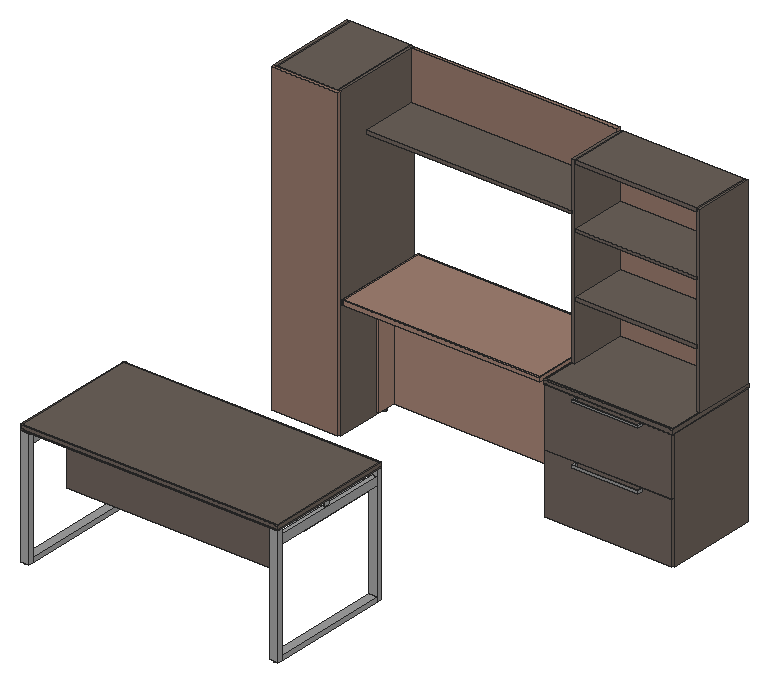
Revit family "T100086", category Furniture Systems, Revit 2022 (continued)
Definition of nested family "STAKS LEG SUPPORT BAR"
  Automatic sketch dimensions
    plane 3 to Extrusion 1 sketch curve = 0' - 0.0747"
    plane 3 to Extrusion 1 sketch curve = 0' - 0 3/16"
    Extrusion 1 sketch curve to Extrusion 1 sketch curve = 0' - 0.0122"  (x5)
    Extrusion 1 sketch curve to plane 9 = 0' - 0.02589"
    Extrusion 1 sketch curve to plane 9 = 0' - 0.02084"
    plane 9 to Extrusion 1 sketch curve = 0' - 0.01831"
    plane 9 to Extrusion 1 sketch curve = 0' - 0.06755"
    Extrusion 1 sketch curve to plane 8 = 0' - 0.03661"  (x2)
    Extrusion 1 sketch curve to plane 10 = 0' - 0.11131"
    Extrusion 1 sketch curve to plane 10 = 0' - 0.06206"
    Extrusion 1 sketch curve to plane 10 = 0' - 0.02292"
    Extrusion 1 sketch curve to plane 10 = 0' - 0.01787"
    Extrusion 1 sketch curve to plane 12 = 0' - 0.06206"
    Extrusion 1 sketch curve to Extrusion 1 sketch curve = 0' - 0.04925"
    plane 11 to Extrusion 1 sketch curve = 0' - 0.06755"
    plane 11 to Extrusion 1 sketch curve = 0' - 0.01831"
    Extrusion 1 sketch curve to plane 11 = 0' - 0.02084"
    Extrusion 1 sketch curve to plane 11 = 0' - 0.02589"
    Extrusion 1 sketch curve to Extrusion 1 sketch curve = 0' - 0 1/8"
    Extrusion 1 sketch curve to plane 8 = 0' - 0.0747"
    Extrusion 1 sketch curve to plane 12 = 0' - 0.01787"
    Extrusion 1 sketch curve to Extrusion 1 sketch curve = 0' - 0.00506"
    Extrusion 1 sketch curve to Extrusion 1 sketch curve = 0' - 1 5/8"
    Extrusion 1 sketch curve to Extrusion 1 sketch curve = 0' - 0.03661"  (x2)
    Extrusion 1 sketch curve to Extrusion 1 sketch curve = 0' - 0.01831"  (x3)
    Extrusion 1 sketch curve to Extrusion 1 sketch curve = 0' - 0.03199"
Definition of nested family "STAKS MODESTY PANEL - Veneer _ Wood Grain _ Frosted"
  Parameters (values of type "STAKS MODESTY PANEL WOOD VENEER 65.9375-48")
    URL = "http://www.ofs.com"
    Thickness = 0' - 0 3/4"
    Width = 5' - 5 15/16"
    Model = "6-WMPC"
    Manufacturer = "OFS"
    WDVNR/PNT = yes
    WDGRN/TFL = no
    FROSTED = no
    Description = "OFS STAKS MODESTY PANEL WOOD VENEER 65.9375-48 X .75, For Desks or Worksurface Height Tops"
    Default Elevation = 0' - 0"
    Copyright © = "©OFS 2018"
    Catalog = "https://ofs.com/products/casegoods/private-office/staks"
    BRKT L/R = yes
    BRKT CNTR = no
    Authoring Version = "Autodesk Revit Architecture 2013"
    Assembly Code = "E2020200"
  Types (12): name | Thickness | Width | Model | WDVNR/PNT | WDGRN/TFL | FROSTED | Description | BRKT L/R | BRKT CNTR
    STAKS MODESTY PANEL WOOD VENEER 29.938-12 | 0' - 0 3/4" | 2' - 5.938" | "6-WMPA" | yes | no | no | "OFS STAKS MODESTY PANEL WOOD VENEER 29.9375-12 X .75, For Desks or Worksurface Height Tops" | yes | no
    STAKS MODESTY PANEL WOOD VENEER 47.9375-30 | 0' - 0 3/4" | 3' - 11 15/16" | "6-WMPB" | yes | no | no | "OFS STAKS MODESTY PANEL WOOD VENEER 47.9375-30 X .75, For Desks or Worksurface Height Tops" | yes | no
    STAKS MODESTY PANEL WOOD VENEER 65.9375-48 | 0' - 0 3/4" | 5' - 5 15/16" | "6-WMPC" | yes | no | no | "OFS STAKS MODESTY PANEL WOOD VENEER 65.9375-48 X .75, For Desks or Worksurface Height Tops" | yes | no
    STAKS MODESTY PANEL WOOD VENEER 84-66 | 0' - 0 3/4" | 7' - 0" | "6-WMPD" | yes | no | no | "OFS STAKS MODESTY PANEL WOOD VENEER 84-66 X .75, For Desks or Worksurface Height Tops" | yes | yes
    STAKS MODESTY PANEL TFL WOOD GRAIN AND TFL SOLID COLORS 29.938-12 | 0' - 0 3/4" | 2' - 5 15/16" | "6-KMPA" | no | yes | no | "OFS STAKS MODESTY PANEL TFL WOOD GRAIN AND TFL SOLID COLORS 29.9375-12 X .75, For Desks or Worksurface Height Tops" | yes | no
    STAKS MODESTY PANEL TFL WOOD GRAIN AND TFL SOLID COLORS 47.9375-30 | 0' - 0 3/4" | 3' - 11 15/16" | "6-KMPB" | no | yes | no | "OFS STAKS MODESTY PANEL TFL WOOD GRAIN AND TFL SOLID COLORS 47.9375-30 X .75, For Desks or Worksurface Height Tops" | yes | no
    STAKS MODESTY PANEL TFL WOOD GRAIN AND TFL SOLID COLORS 65.9375-48 | 0' - 0 3/4" | 5' - 5 15/16" | "6-KMPC" | no | yes | no | "OFS STAKS MODESTY PANEL TFL WOOD GRAIN AND TFL SOLID COLORS 65.9375-48 X .75, For Desks or Worksurface Height Tops" | yes | no
    STAKS MODESTY PANEL TFL WOOD GRAIN AND TFL SOLID COLORS 84-66 | 0' - 0 3/4" | 7' - 0" | "6-KMPD" | no | yes | no | "OFS STAKS MODESTY PANEL TFL WOOD GRAIN AND TFL SOLID COLORS 84-66 X .75, For Desks or Worksurface Height Tops" | yes | yes
    STAKS MODESTY PANEL FROSTED ACRYLIC 29.938-12 | 0' - 0 1/4" | 2' - 5 15/16" | "6-AMPA" | no | no | yes | "OFS STAKS MODESTY PANEL FROSTED ACRYLIC 29.9375-12 X .75, For Desks or Worksurface Height Tops" | no | no
    STAKS MODESTY PANEL FROSTED ACRYLIC 47.938-30 | 0' - 0 1/4" | 3' - 11 15/16" | "6-AMPB" | no | no | yes | "OFS STAKS MODESTY PANEL FROSTED ACRYLIC 47.9375-30 X .75, For Desks or Worksurface Height Tops" | no | no
    STAKS MODESTY PANEL FROSTED ACRYLIC 65.938-48 | 0' - 0 1/4" | 5' - 5 15/16" | "6-AMPC" | no | no | yes | "OFS STAKS MODESTY PANEL FROSTED ACRYLIC 65.9375-48 X .75, For Desks or Worksurface Height Tops" | no | no
    STAKS MODESTY PANEL FROSTED ACRYLIC 84-66 | 0' - 0 1/4" | 7' - 0" | "6-AMPD" | no | no | yes | "OFS STAKS MODESTY PANEL FROSTED ACRYLIC 84-66 X .75, For Desks or Worksurface Height Tops" | no | no
  Reference planes (in)
    plane 1: z = 0
    plane 2 "Back": y = 1.62535
    plane 3 "MOUNTING LEVEL": z = 27.375
    plane 4 "RIGHT": x = -2.531
    plane 5: x = 30.43775
    plane 6: x = -35.49975
    plane 7: y = 0.87535
    plane 8: z = 26.875
    plane 9: z = 15.125
    plane 10: x = -32.12475
    plane 11: x = 27.06275
  Forms (in)
    Extrusion 1, solid, visible <- "WDVNR/PNT"
      sketch origin (-21.5, 2.25, 14.94485) x (0, 1, 0) y (0, 0, 1)
        loop
          line (-1.37465, 11.93015) -> (-1.37465, 0.18015) -> (-0.62465, 0.18015) -> (-0.62465, 11.93015) -> (-1.37465, 11.93015)
      from -13.99975 to 51.93775
    Extrusion 2, solid, visible <- "WDGRN/TFL"
      sketch origin (-21.65252, 0.50666, 14.94485) x (0, 1, 0) y (0, 0, 1)
        loop
          line (0.36869, 11.93015) -> (0.36869, 0.18015) -> (1.11869, 0.18015) -> (1.11869, 11.93015) -> (0.36869, 11.93015)
      from -13.84723 to 52.09027
    Extrusion 3, solid, not visible
      sketch origin (-21.65252, -2.24334, 14.94485) x (0, 1, 0) y (0, 0, 1)
        loop
          line (3.11869, 11.93015) -> (3.11869, 0.18015) -> (3.86869, 0.18015) -> (3.86869, 11.93015) -> (3.11869, 11.93015)
      from -13.84723 to 52.09027
    Extrusion 4, solid, visible <- "FROSTED"
      sketch origin (-21.65252, -5.24334, 14.94485) x (0, 1, 0) y (0, 0, 1)
        loop
          line (6.11869, 11.93015) -> (6.11869, 0.18015) -> (6.86869, 0.18015) -> (6.86869, 11.93015) -> (6.11869, 11.93015)
      from -13.84723 to 52.09027
  Lines and regions (in)
    Masking region 1, visible <- "WDVNR/PNT"
      outline origin (0, 0, 27.375) x (-1, 0, 0) y (0, -1, 0)
        loop
          line (35.49975, -1.62535) -> (35.49975, -0.87535) -> (-30.43775, -0.87535) -> (-30.43775, -1.62535) -> (35.49975, -1.62535)
    Masking region 2, visible <- "WDGRN/TFL"
      outline origin (-0.15252, -1.74334, 27.375) x (-1, 0, 0) y (0, -1, 0)
        loop
          line (35.34723, -3.36869) -> (35.34723, -2.61869) -> (-30.59027, -2.61869) -> (-30.59027, -3.36869) -> (35.34723, -3.36869)
    Masking region 3, not visible
      outline origin (-0.15252, -4.49334, 27.375) x (-1, 0, 0) y (0, -1, 0)
        loop
          line (35.34723, -6.11869) -> (35.34723, -5.36869) -> (-30.59027, -5.36869) -> (-30.59027, -6.11869) -> (35.34723, -6.11869)
    Masking region 4, visible <- "FROSTED"
      outline origin (-0.15252, -43.24334, 27.375) x (-1, 0, 0) y (0, -1, 0)
        loop
          line (35.34723, -44.86869) -> (35.34723, -44.11869) -> (-30.59027, -44.11869) -> (-30.59027, -44.86869) -> (35.34723, -44.86869)
    Masking region 5, visible <- "BRKT L/R"
      outline origin (0, 0, 27.375) x (-1, 0, 0) y (0, -1, 0)
        loop
          line (29.37475, -0.87535) -> (32.12475, -0.87535) -> (32.12475, 0.37465)
          arc (32.12475, 0.37465) -> (32.05153, 0.55143) -> (31.87475, 0.62465) r 0.25
          line (31.87475, 0.62465) -> (29.62475, 0.62465)
          arc (29.62475, 0.62465) -> (29.44797, 0.55143) -> (29.37475, 0.37465) r 0.25
          line (29.37475, 0.37465) -> (29.37475, -0.87535)
    Masking region 6, visible <- "BRKT CNTR"
      outline origin (11, 0, 27.375) x (-1, 0, 0) y (0, -1, 0)
        loop
          line (12.156, -0.87535) -> (14.906, -0.87535) -> (14.906, 0.37465)
          arc (14.906, 0.37465) -> (14.83278, 0.55143) -> (14.656, 0.62465) r 0.25
          line (14.656, 0.62465) -> (12.406, 0.62465)
          arc (12.406, 0.62465) -> (12.22922, 0.55143) -> (12.156, 0.37465) r 0.25
          line (12.156, 0.37465) -> (12.156, -0.87535)
    Masking region 7, visible <- "BRKT L/R"
      outline origin (23.25, 0, 27.375) x (-1, 0, 0) y (0, -1, 0)
        loop
          line (-3.81275, -0.87535) -> (-1.06275, -0.87535) -> (-1.06275, 0.37465)
          arc (-1.06275, 0.37465) -> (-1.13597, 0.55143) -> (-1.31275, 0.62465) r 0.25
          line (-1.31275, 0.62465) -> (-3.56275, 0.62465)
          arc (-3.56275, 0.62465) -> (-3.73953, 0.55143) -> (-3.81275, 0.37465) r 0.25
          line (-3.81275, 0.37465) -> (-3.81275, -0.87535)
  Dimensions and locks (in)
    locked: plane 3 "MOUNTING LEVEL" to plane 1 at 27.375
    equal spacing: plane 6, plane 4 "RIGHT", plane 5
    "Width": plane 6 to plane 5
    "Thickness": plane 7 to plane 2 "Back"
    locked: plane 3 "MOUNTING LEVEL" to plane 8 at 0.5
    locked: plane 8 to plane 9 at 11.75
    locked: plane 6 to plane 10 at 3.375
    locked: plane 11 to plane 5 at 3.375
    aligned and locked: level to plane 1
    aligned and locked: Extrusion 1 to plane 6
    aligned and locked: Extrusion 1 to plane 2 "Back"
    aligned and locked: plane 7 to Extrusion 1
    aligned and locked: plane 5 to Extrusion 1
    aligned and locked: Extrusion 2 to plane 6
    aligned and locked: Masking region 2 to plane 6
    aligned and locked: plane 5 to Extrusion 2
    aligned and locked: plane 5 to Masking region 2
    aligned and locked: plane 5 to Extrusion 3
    aligned and locked: plane 5 to Masking region 3
    aligned and locked: Extrusion 3 to plane 6
    aligned and locked: Masking region 3 to plane 6
    aligned and locked: Extrusion 4 to plane 6
    aligned and locked: Masking region 4 to plane 6
    aligned and locked: plane 5 to Extrusion 4
    aligned and locked: plane 5 to Masking region 4
    aligned and locked: Extrusion 2 to plane 2 "Back"
    aligned and locked: Masking region 2 to plane 2 "Back"
    aligned and locked: plane 7 to Extrusion 2
    aligned and locked: plane 7 to Masking region 2
    aligned and locked: Extrusion 3 to plane 2 "Back"
    aligned and locked: Masking region 3 to plane 2 "Back"
    aligned and locked: plane 7 to Extrusion 3
    aligned and locked: plane 7 to Masking region 3
    aligned and locked: Extrusion 4 to plane 2 "Back"
    aligned and locked: Masking region 4 to plane 2 "Back"
    aligned and locked: plane 7 to Extrusion 4
    aligned and locked: plane 7 to Masking region 4
    aligned: plane 8 to Extrusion 4
    aligned: plane 8 to Extrusion 3
    aligned: plane 8 to Extrusion 2
    aligned and locked: plane 8 to Extrusion 1
    aligned and locked: Extrusion 4 to plane 9
    aligned and locked: Extrusion 3 to plane 9
    aligned and locked: Extrusion 2 to plane 9
    aligned and locked: Extrusion 1 to plane 9
    aligned and locked: plane 8 to Extrusion 4
    aligned and locked: plane 8 to Extrusion 3
    aligned and locked: plane 8 to Extrusion 2
    aligned and locked: plane 3 "MOUNTING LEVEL" to nested 1
    aligned and locked: plane 7 to nested 1
    aligned and locked: plane 3 "MOUNTING LEVEL" to nested 2
    aligned and locked: plane 3 "MOUNTING LEVEL" to nested 3
    aligned and locked: nested 2 to plane 10
    aligned and locked: nested 3 to plane 11
    aligned and locked: plane 7 to nested 2
    aligned and locked: plane 7 to nested 3
    aligned and locked: Masking region 6 to nested 1  (x2)
    aligned and locked: Masking region 7 to plane 11
    aligned and locked: Masking region 7 to nested 3
  Automatic sketch dimensions
    Extrusion 1 sketch curve to plane 7 = 0' - 0"
    Extrusion 1 sketch curve to plane 2 "Back" = 0' - 0"
    Extrusion 1 sketch curve to plane 9 = 0' - 0"
    Extrusion 1 sketch curve to plane 8 = 0' - 0"
    plane 2 "Back" to Masking region 1 sketch curve = 0' - 0"
    Masking region 1 sketch curve to plane 5 = 0' - 0"
    Masking region 1 sketch curve to plane 6 = 0' - 0"
    plane 7 to Masking region 1 sketch curve = 0' - 0"
    Extrusion 2 sketch curve to plane 7 = 0' - 0"
    Extrusion 2 sketch curve to plane 2 "Back" = 0' - 0"
    Extrusion 2 sketch curve to plane 9 = 0' - 0"
    Extrusion 2 sketch curve to plane 8 = 0' - 0"
    plane 2 "Back" to Masking region 2 sketch curve = 0' - 0"
    Masking region 2 sketch curve to plane 5 = 0' - 0"
    Masking region 2 sketch curve to plane 6 = 0' - 0"
    plane 7 to Masking region 2 sketch curve = 0' - 0"
    Extrusion 3 sketch curve to plane 7 = 0' - 0"
    Extrusion 3 sketch curve to plane 2 "Back" = 0' - 0"
    Extrusion 3 sketch curve to plane 9 = 0' - 0"
    Extrusion 3 sketch curve to plane 8 = 0' - 0"
    plane 2 "Back" to Masking region 3 sketch curve = 0' - 0"
    Masking region 3 sketch curve to plane 5 = 0' - 0"
    Masking region 3 sketch curve to plane 6 = 0' - 0"
    plane 7 to Masking region 3 sketch curve = 0' - 0"
    Extrusion 4 sketch curve to plane 7 = 0' - 0"
    Extrusion 4 sketch curve to plane 2 "Back" = 0' - 0"
    Extrusion 4 sketch curve to plane 9 = 0' - 0"
    Extrusion 4 sketch curve to plane 8 = 0' - 0"
    plane 2 "Back" to Masking region 4 sketch curve = 0' - 0"
    Masking region 4 sketch curve to plane 5 = 0' - 0"
    Masking region 4 sketch curve to plane 6 = 0' - 0"
    plane 7 to Masking region 4 sketch curve = 0' - 0"
    plane 7 to Masking region 5 sketch curve = 0' - 0"
    Masking region 5 sketch curve to plane 10 = 0' - 0"
    plane 10 to Masking region 5 sketch curve = 0' - 0 1/4"
    Masking region 5 sketch curve to Masking region 5 sketch curve = 0' - 2 1/4"
    Masking region 5 sketch curve to Masking region 5 sketch curve = 0' - 0 1/4"
    plane 7 to Masking region 5 sketch curve = 0' - 1 1/4"
    plane 7 to Masking region 6 sketch curve = 0' - 0"
    plane 4 "RIGHT" to Masking region 6 sketch curve = 0' - 1 3/8"
    Masking region 6 sketch curve to Masking region 6 sketch curve = 0' - 0 1/4"  (x2)
    Masking region 6 sketch curve to plane 4 "RIGHT" = 0' - 1 1/8"
    Masking region 6 sketch curve to Masking region 6 sketch curve = 0' - 1 1/4"
    plane 7 to Masking region 7 sketch curve = 0' - 0"
    plane 11 to Masking region 7 sketch curve = 0' - 0"
    Masking region 7 sketch curve to Masking region 7 sketch curve = 0' - 0 1/4"  (x2)
    Masking region 7 sketch curve to Masking region 7 sketch curve = 0' - 2 1/4"
    Masking region 7 sketch curve to Masking region 7 sketch curve = 0' - 1 1/4"
  Nested families (in)
    nested 1: "MP BRKT" at (-2.531, 0.87535, 25.375), visible <- "BRKT CNTR", type "6-MPB-1"
    nested 2: "MP BRKT" at (-30.74975, 0.87535, 25.375), visible <- "BRKT L/R", type "6-MPB-1"
    nested 3: "MP BRKT" at (25.68775, 0.87535, 25.375), visible <- "BRKT L/R", type "6-MPB-1"
  Definition of nested family "MP BRKT"
    Parameters
      Default Elevation = 0' - 0"
    Reference planes (in)
      plane 1 "Center (Front/Back)": y = 0
      plane 2: z = 0
      plane 3 "Center (Left/Right)": x = 0
    Forms (in)
      Extrusion 1, solid
        sketch origin (-1.375, 0, 0) x (0, 1, 0) y (0, 0, 1)
          loop
            line (0, 0) -> (0, 1.625)
            arc (0, 1.625) -> (-0.10983, 1.89017) -> (-0.375, 2) r 0.375
            line (-0.375, 2) -> (-1.5, 2) -> (-1.5, 1.75) -> (-0.375, 1.75)
            arc (-0.375, 1.75) -> (-0.28661, 1.71339) -> (-0.25, 1.625) r 0.125
            line (-0.25, 1.625) -> (-0.25, 0) -> (0, 0)
        from 0 to 2.75
      Extrusion 2, void
        sketch origin (0, 0, 0) x (1, 0, 0) y (0, 1, 0)
          loop
            line (-1.375, -1.5) -> (-1.125, -1.5)
            arc (-1.125, -1.5) -> (-1.30178, -1.42678) -> (-1.375, -1.25) r 0.25
            line (-1.375, -1.25) -> (-1.375, -1.5)
        from 1.75 to 2
      Extrusion 3, void
        sketch origin (0, 0, 0) x (-1, 0, 0) y (0, -1, 0)
          loop
            line (-1.375, 1.5) -> (-1.375, 1.25)
            arc (-1.375, 1.25) -> (-1.30178, 1.42678) -> (-1.125, 1.5) r 0.25
            line (-1.125, 1.5) -> (-1.375, 1.5)
        from 1.75 to 2
      Extrusion 4, void
        sketch origin (0, -2, 1.5) x (1, 0, 0) y (0, 0, -1)
          loop
            line (-1.375, 1.5) -> (-1.375, 1.25)
            arc (-1.375, 1.25) -> (-1.30178, 1.42678) -> (-1.125, 1.5) r 0.25
            line (-1.125, 1.5) -> (-1.375, 1.5)
        from 1.75 to 2
      Extrusion 5, void
        sketch origin (0, -2, 1.5) x (-1, 0, 0) y (0, 0, 1)
          loop
            line (-1.375, -1.5) -> (-1.125, -1.5)
            arc (-1.125, -1.5) -> (-1.30178, -1.42678) -> (-1.375, -1.25) r 0.25
            line (-1.375, -1.25) -> (-1.375, -1.5)
        from 1.75 to 2
    Cuts and joins
      Extrusion 2, Extrusion 3, Extrusion 4, Extrusion 5 cuts Extrusion 1
    Dimensions and locks (in)
      aligned and locked: Extrusion 1 to Extrusion 2
      aligned and locked: Extrusion 2 to Extrusion 1
Definition of nested family "STAKS LATERAL FILE WITH TOP Two Drawers"
  Parameters (values of type "STAKS LATERAL FILE WITH TOP Two Drawers 24in")
    URL = "http://www.ofs.com/"
    Top Surface Thickness = 0' - 1 1/8"
    Top Color = none
    Riser Support = 0' - 0"
    Model = "6-N2429LF2"
    Manufacturer = "OFS"
    Height = 2' - 5"
    Edge Material = none
    Drawer Material = none
    Drawer Handle Width = 1' - 3 1/2"
    Drawer Handle Material = none
    Description = "OFS STAKS LATERAL FILE WITH TOP Two Drawers 24in, Freestanding Two Lateral File Drawers for Letter or Legal Filing"
    Width = 2' - 0"
    Depth = 1' - 10"
    Default Elevation = 0' - 0"
    DH2 = 0' - 6 1/2"
    DH1 = 1' - 2 3/8"
    Copyright © = "© 2018 OFS"
    Chasis Material = none
    Catalog = "https://ofs.com/products/casegoods/private-office/staks"
    Board Thickness = 0' - 0 3/4"
    Authoring Version = "Autodesk Revit Architecture 2013"
    Assembly Code = "E2020200"
  Types (3): name | Model | Description | Width
    STAKS LATERAL FILE WITH TOP Two Drawers 24in | "6-N2429LF2" | "OFS STAKS LATERAL FILE WITH TOP Two Drawers 24in, Freestanding Two Lateral File Drawers for Letter or Legal Filing" | 2' - 0"
    STAKS LATERAL FILE WITH TOP Two Drawers 36in | "6-N3629LF2" | "OFS STAKS LATERAL FILE WITH TOP Two Drawers 36in, Freestanding Two Lateral File Drawers for Letter or Legal Filing" | 3' - 0"
    STAKS LATERAL FILE WITH TOP Two Drawers 30in | "6-N3029LF2" | "OFS STAKS LATERAL FILE WITH TOP Two Drawers 30in, Freestanding Two Lateral File Drawers for Letter or Legal Filing" | 2' - 6"
  Reference planes (in)
    plane 1: z = 0
    plane 2 "Right": x = 20.97711
    plane 3: z = 27.875
    plane 4: z = 14.375
    plane 5: z = 14.25
    plane 6: z = 0
    plane 7: z = 14
    plane 8: z = 27.625
    plane 9: z = 13.531
    plane 10: z = 27.15625
    plane 11: x = 8.97711
    plane 12: y = -1.24965
    plane 13: y = -1.99965
    plane 14: x = 9.16461
    plane 15: x = 32.78961
    plane 16: x = 9.72711
    plane 17: y = 20.00035
    plane 18: x = 32.97711
    plane 19: x = 32.22711
    plane 20: x = 13.22711
    plane 21: x = 13.60211
    plane 22: x = 28.72711
    plane 23: x = 28.35211
    plane 24: y = -2.81215
    plane 25: y = -2.99965
    plane 26: z = 0.25
    plane 27: y = 19.25035
    plane 28: z = 0.75
    plane 29: z = 29
    plane 30: y = 19.81285
    plane 31: y = -1.81215
  Forms (in)
    Extrusion 1, solid, material <- "Drawer Material"
      sketch origin (20.35211, 5, -13.1802) x (0, 1, 0) y (0, 0, 1)
        loop
          line (-6.99965, 27.4302) -> (-6.99965, 13.4302) -> (-6.24965, 13.4302) -> (-6.24965, 27.4302) -> (-6.99965, 27.4302)
      from -11.1875 to 12.4375
    Extrusion 2, solid, material <- "Drawer Material"
      sketch origin (20.35211, 2.25, -7.68015) x (0, 1, 0) y (0, 0, 1)
        loop
          line (-4.24965, 35.55515) -> (-4.24965, 22.05515) -> (-3.49965, 22.05515) -> (-3.49965, 35.55515) -> (-4.24965, 35.55515)
      from -11.1875 to 12.4375
    Extrusion 3, solid, material <- "Chasis Material"
      sketch origin (-3, -1.24965, 0) x (1, 0, 0) y (0, 0, 1)
        loop
          line (11.97711, 0) -> (12.72711, 0) -> (12.72711, 27.875) -> (11.97711, 27.875) -> (11.97711, 0)
      from -21.25 to 0
    Extrusion 4, solid, material <- "Chasis Material"
      sketch origin (19.35211, 31.02324, 0) x (0, 1, 0) y (0, 0, 1)
        loop
          line (-11.77289, 0) -> (-11.02289, 0) -> (-11.02289, 27.875) -> (-11.77289, 27.875) -> (-11.77289, 0)
      from -9.625 to 12.875
    Extrusion 5, solid, material <- "Drawer Handle Material"
      sketch origin (9, 0, 9.60933) x (1, 0, 0) y (0, 1, 0)
        loop
          line (4.22711, -1.99965) -> (4.22711, -2.99965) -> (19.72711, -2.99965) -> (19.72711, -1.99965) -> (19.35211, -1.99965) -> (19.35211, -2.81215) -> (4.60211, -2.81215) -> (4.60211, -1.99965) -> (4.22711, -1.99965)
      from 3.92167 to 4.39067
    Extrusion 6, solid, material <- "Drawer Handle Material"
      sketch origin (9, 0, 20.67137) x (1, 0, 0) y (0, 1, 0)
        loop
          line (4.22711, -1.99965) -> (4.22711, -2.99965) -> (19.72711, -2.99965) -> (19.72711, -1.99965) -> (19.35211, -1.99965) -> (19.35211, -2.81215) -> (4.60211, -2.81215) -> (4.60211, -1.99965) -> (4.22711, -1.99965)
      from 6.48488 to 6.95363
    Extrusion 7, solid, material <- "Chasis Material"
      sketch origin (0, 0, 0) x (1, 0, 0) y (0, 1, 0)
        loop
          line (32.97711, 20.00035) -> (32.22711, 20.00035) -> (32.22711, -1.24965) -> (32.97711, -1.24965) -> (32.97711, 20.00035)
      from 0 to 27.875
    Extrusion 8, solid, material <- "Chasis Material"
      sketch origin (-29.79592, -7.12465, 7.24693) x (1, 0, 0) y (0, 0, 1)
        loop
          line (39.52304, 19.90932) -> (62.02304, 19.90932) -> (62.02304, 20.62807) -> (39.52304, 20.62807) -> (39.52304, 19.90932)
      from -26.375 to -5.875
    Extrusion 9, solid, material <- "Chasis Material"
      sketch origin (-31.5409, -1.62465, -42.72261) x (1, 0, 0) y (0, 0, 1)
        loop
          line (41.26801, 42.72261) -> (63.76801, 42.72261) -> (63.76801, 43.47261) -> (41.26801, 43.47261) -> (41.26801, 42.72261)
      from -20.875 to -0.375
    Extrusion 10, solid, material <- "Top Color"
      sketch origin (0, 0, 0) x (1, 0, 0) y (0, 1, 0)
        loop
          line (32.78961, 19.81285) -> (9.16461, 19.81285) -> (9.16461, -1.81215) -> (32.78961, -1.81215) -> (32.78961, 19.81285)
      from 27.875 to 29
    Sweep 11, solid, material <- "Edge Material"
      path in 3D
        loop
          line (32.78961, 19.81285, 29) -> (9.16461, 19.81285, 29) -> (9.16461, -1.81215, 29) -> (32.78961, -1.81215, 29) -> (32.78961, 19.81285, 29)
      profile origin (32.78961, 9.00035, 29) x (-1, 0, 0) y (0, 0, 1)
        loop
          line (0, 0) -> (-0.09407, 0)
          arc (-0.09407, 0) -> (-0.16013, -0.02737) -> (-0.1875, -0.09343) r 0.09343
          line (-0.1875, -0.09343) -> (-0.1875, -1.03125)
          arc (-0.1875, -1.03125) -> (-0.16004, -1.09754) -> (-0.09375, -1.125) r 0.09375
          line (-0.09375, -1.125) -> (0, -1.125) -> (0, 0)
  Lines and regions (in)
    sketch lines
      curve 1: line (32.78961, -1.81215, 29) -> (32.78961, 19.81285, 29)
      curve 2: line (32.78961, 19.81285, 29) -> (9.16461, 19.81285, 29)
      curve 3: line (9.16461, 19.81285, 29) -> (9.16461, -1.81215, 29)
      curve 4: line (9.16461, -1.81215, 29) -> (32.78961, -1.81215, 29)
  Dimensions and locks (in)
    "Board Thickness": plane 13 to plane 12
    locked: plane 11 to plane 14 at 0.1875
    "Board Thickness": plane 11 to plane 16
    locked: plane 15 to plane 18 at 0.1875
    "Width": plane 11 to plane 18
    Extrusion 7 sketch curve to plane 18 = 0' - 0 3/4"
    "Board Thickness": plane 19 to plane 18
    equal spacing: plane 11, plane 2 "Right", plane 18
    locked: plane 20 to plane 21 at 0.375
    locked: plane 23 to plane 22 at 0.375
    equal spacing: plane 20, plane 2 "Right", plane 22
    "Drawer Handle Width": plane 20 to plane 22
    plane 25 to plane 24 to plane 13 = 0' - 0 3/16" locked, 0' - 0 13/16" locked
    "Riser Support": plane 6 to level
    "Height": plane 29 to plane 6
    "DH1": plane 4 to plane 6
    locked: plane 26 to plane 6 at 0.25
    "Board Thickness": plane 27 to plane 17
    "Depth": plane 13 to plane 17
    plane 4 to plane 5 to plane 7 to plane 9 = 0' - 0 1/8" locked, 0' - 0 1/4" locked, 0' - 0.469" locked
    plane 3 to plane 8 to plane 10 = 0' - 0 1/4" locked, 0' - 0 15/32" locked
    "Board Thickness": plane 28 to plane 6
    "Top Surface Thickness": plane 29 to plane 3
    locked: plane 13 to plane 31 at 0.1875
    locked: plane 30 to plane 17 at 0.1875
    aligned and locked: level to plane 1
    aligned and locked: Extrusion 1 to plane 14
    aligned and locked: plane 15 to Extrusion 1
    aligned and locked: Extrusion 2 to plane 12
    aligned and locked: plane 13 to Extrusion 2
    aligned and locked: plane 15 to Extrusion 2
    aligned and locked: Extrusion 2 to plane 14
    aligned and locked: plane 12 to Extrusion 3
    aligned and locked: Extrusion 3 to plane 17
    aligned and locked: Extrusion 4 to plane 16
    aligned and locked: plane 16 to Extrusion 3
    aligned and locked: Extrusion 3 to plane 11
    aligned and locked: Extrusion 4 to plane 17
    aligned and locked: Extrusion 1 sketch curve to plane 12
    aligned and locked: plane 13 to Extrusion 1 sketch curve
    aligned and locked: plane 19 to Extrusion 4
    aligned and locked: plane 3 to Extrusion 3
    aligned and locked: Extrusion 6 to plane 22
    aligned and locked: Extrusion 5 to plane 22
    aligned and locked: plane 23 to Extrusion 6
    aligned and locked: plane 23 to Extrusion 5
    aligned and locked: plane 21 to Extrusion 6
    aligned and locked: plane 21 to Extrusion 5
    aligned and locked: Extrusion 6 to plane 20
    aligned and locked: Extrusion 5 to plane 20
    aligned and locked: plane 24 to Extrusion 6
    aligned and locked: plane 7 to Extrusion 5
    aligned and locked: Extrusion 5 to plane 9
    aligned and locked: plane 3 to Extrusion 4
    aligned and locked: Extrusion 1 to plane 26
    aligned and locked: Extrusion 7 to plane 19
    aligned and locked: plane 3 to Extrusion 7
    aligned and locked: Extrusion 7 to plane 6
    aligned and locked: plane 3 to Extrusion 8
    aligned and locked: Extrusion 8 to plane 10
    aligned and locked: plane 28 to Extrusion 9
    aligned and locked: Extrusion 9 to plane 6
    aligned and locked: Extrusion 9 to plane 27
    aligned and locked: plane 12 to Extrusion 9
    aligned and locked: plane 19 to Extrusion 9
    aligned and locked: Extrusion 9 to plane 16
    aligned and locked: plane 3 to Extrusion 2
    aligned and locked: plane 8 to Extrusion 6
    aligned and locked: Extrusion 6 to plane 10
    aligned and locked: Extrusion 8 to plane 27
    aligned and locked: plane 12 to Extrusion 8
    aligned and locked: Extrusion 10 to plane 14
    aligned and locked: plane 15 to Extrusion 10
    aligned and locked: Extrusion 10 to plane 30
    aligned and locked: plane 31 to Extrusion 10
  Automatic sketch dimensions
    Extrusion 1 sketch curve to plane 26 = 0' - 0"
    Extrusion 1 sketch curve to plane 5 = 0' - 0"
    Extrusion 2 sketch curve to plane 13 = 0' - 0"
    Extrusion 2 sketch curve to plane 4 = 0' - 0"
    Extrusion 2 sketch curve to plane 12 = 0' - 0"
    Extrusion 3 sketch curve to plane 6 = 0' - 0"
    Extrusion 3 sketch curve to plane 11 = 0' - 0"
    Extrusion 3 sketch curve to plane 3 = 0' - 0"
    Extrusion 3 sketch curve to plane 16 = 0' - 0"
    Extrusion 4 sketch curve to plane 6 = 0' - 0"
    Extrusion 4 sketch curve to plane 3 = 0' - 0"
    Extrusion 4 sketch curve to plane 17 = 0' - 0"
    plane 27 to Extrusion 4 sketch curve = 0' - 0"
    plane 13 to Extrusion 5 sketch curve = 0' - 0"  (x2)
    Extrusion 5 sketch curve to plane 20 = 0' - 0"
    Extrusion 5 sketch curve to plane 21 = 0' - 0"
    Extrusion 5 sketch curve to plane 23 = 0' - 0"
    Extrusion 5 sketch curve to plane 22 = 0' - 0"
    plane 25 to Extrusion 5 sketch curve = 0' - 0"
    plane 24 to Extrusion 5 sketch curve = 0' - 0"
    plane 13 to Extrusion 6 sketch curve = 0' - 0"  (x2)
    Extrusion 6 sketch curve to plane 20 = 0' - 0"
    Extrusion 6 sketch curve to plane 21 = 0' - 0"
    Extrusion 6 sketch curve to plane 23 = 0' - 0"
    Extrusion 6 sketch curve to plane 22 = 0' - 0"
    plane 25 to Extrusion 6 sketch curve = 0' - 0"
    plane 24 to Extrusion 6 sketch curve = 0' - 0"
    plane 12 to Extrusion 7 sketch curve = 0' - 0"
    Extrusion 7 sketch curve to plane 18 = 0' - 0"
    plane 17 to Extrusion 7 sketch curve = 0' - 0"
    Extrusion 8 sketch curve to plane 10 = 0' - 0"
    Extrusion 8 sketch curve to plane 16 = 0' - 0"
    Extrusion 8 sketch curve to plane 3 = 0' - 0"
    Extrusion 8 sketch curve to plane 19 = 0' - 0"
    plane 14 to Extrusion 9 sketch curve = 0' - 0 9/16"
    Extrusion 9 sketch curve to plane 6 = 0' - 0"
    plane 6 to Extrusion 9 sketch curve = 0' - 0 3/4"
    Extrusion 9 sketch curve to plane 19 = 0' - 0"
    plane 4 to Extrusion 2 sketch curve = 1' - 1 1/2"
    plane 17 to Extrusion 10 sketch curve = 0' - 0 3/16"
    plane 12 to Extrusion 10 sketch curve = 0' - 0 9/16"
    plane 11 to Extrusion 10 sketch curve = 0' - 0 3/16"
    Extrusion 10 sketch curve to plane 18 = 0' - 0 3/16"
    profile plane to Sweep 11 sketch curve = 0' - 0 3/16"
    profile plane to Sweep 11 sketch curve = 0' - 0 3/32"
    Sweep 11 sketch curve to profile plane = 0' - 1 1/8"
    Sweep 11 sketch curve to profile plane = 0' - 0"  (x2)
    profile plane to Sweep 11 sketch curve = 0' - 0.09407"
Definition of nested family "STAKS BOOKCASE ORGANIZER 43H"
  Parameters (values of type "STAKS BOOKCASE ORGANIZER 43H 24D")
    URL = "http://www.ofs.com/"
    Right Hinged = yes
    Left Hinged = yes
    Height Above Floor [instance] = 5' - 11 1/2"
    Height = 3' - 7"
    Front Doors Material = none
    Drawer Handle Width = 1' - 3 1/2"
    Drawer Handle Material = none
    Default Elevation = 0' - 0"
    Back Material = none
    Depth = 1' - 2"
    Model = "6-2443BC"
    Manufacturer = "OFS"
    Description = "OFS STAKS BOOKCASE ORGANIZER 43\" Height, 24\" Width, Finished Back, One Stationary Shelf"
    Width = 2' - 0"
    Copyright © = "© 2018 OFS"
    Catalog = "https://ofs.com/products/casegoods/private-office/staks"
    Board Material = none
    Board Thickness = 0' - 0 3/4"
    Authoring Version = "Autodesk Revit Architecture 2013"
    Assembly Code = "E2020200"
  Types (3): name | Model | Description | Width
    STAKS BOOKCASE ORGANIZER 43H 30D | "6-3043BC" | "OFS STAKS BOOKCASE ORGANIZER 43\" Height, 30\" Width, Finished Back, One Stationary Shelf" | 2' - 6"
    STAKS BOOKCASE ORGANIZER 43H 24D | "6-2443BC" | "OFS STAKS BOOKCASE ORGANIZER 43\" Height, 24\" Width, Finished Back, One Stationary Shelf" | 2' - 0"
    STAKS BOOKCASE ORGANIZER 43H 36D | "6-3643BC" | "OFS STAKS BOOKCASE ORGANIZER 43\" Height, 36\" Width, Finished Back, One Stationary Shelf" | 3' - 0"
  Reference planes (in)
    plane 1: z = -0.125
    plane 2 "LEFT": x = 15.05498
    plane 3 "RIGHT": x = 39.05498
    plane 4 "BACK": y = -1.83365
    plane 5 "FRONT": y = -14.33365
    plane 6: x = 15.80498
    plane 7: x = 38.30498
    plane 8: z = 28.375
    plane 9 "SURFACE TOP": z = 71.375
    plane 10: z = 29.125
    plane 11: x = 27.05498
    plane 12: z = 70.625
    plane 13: y = -8.08365
    plane 14: y = -7.70865
    plane 15: y = -8.45865
    plane 16: x = 27.42998
    plane 17: x = 26.67998
    plane 18: y = -1.08365
    plane 19: y = -15.08365
    plane 20: x = 38.99248
    plane 21: x = 15.11748
    plane 22: x = 27.08623
    plane 23: x = 27.02373
    plane 24: z = 28.625
    plane 25: z = 71.3125
    plane 26: x = 34.42998
    plane 27: x = 34.80498
    plane 28: x = 19.67998
    plane 29: x = 19.30498
  Forms (in)
    Extrusion 1, solid, material <- "Board Material"
      sketch origin (0, 0, 71.375) x (0, 1, 0) y (-1, 0, 0)
        loop
          line (-1.08365, -15.80498) -> (-1.08365, -15.05498) -> (-15.08365, -15.05498) -> (-15.08365, -15.80498) -> (-1.08365, -15.80498)
        loop
          line (-1.08365, -39.05498) -> (-1.08365, -38.30498) -> (-15.08365, -38.30498) -> (-15.08365, -39.05498) -> (-1.08365, -39.05498)
      from 0 to -43
    Extrusion 2, solid, material <- "Board Material"
      sketch origin (0, 0, 27.375) x (0, 1, 0) y (-1, 0, 0)
        loop
          line (-1.08365, -15.80498) -> (-15.08365, -15.80498) -> (-15.08365, -38.30498) -> (-1.08365, -38.30498) -> (-1.08365, -15.80498)
      from 44 to 43.25
    Extrusion 3, solid, material <- "Back Material"
      sketch origin (30.99601, 21.63396, 71.375) x (0, 1, 0) y (-1, 0, 0)
        loop
          line (-22.71762, 15.19103) -> (-23.46762, 15.19103) -> (-23.46762, -7.30897) -> (-22.71762, -7.30897) -> (-22.71762, 15.19103)
      from -0.75 to -43
    Extrusion 4, solid, material <- "Board Material"
      sketch origin (0, 0, 16.875) x (0, 1, 0) y (-1, 0, 0)
        loop
          line (-1.83365, -15.80498) -> (-15.08365, -15.80498) -> (-15.08365, -38.30498) -> (-1.83365, -38.30498) -> (-1.83365, -15.80498)
      from 26 to 25.25
    Extrusion 5, solid, material <- "Board Material"
      sketch origin (0, 0, 31.125) x (0, 1, 0) y (-1, 0, 0)
        loop
          line (-1.83365, -15.80498) -> (-15.08365, -15.80498) -> (-15.08365, -38.30498) -> (-1.83365, -38.30498) -> (-1.83365, -15.80498)
      from 26 to 25.25
  Lines and regions (in)
    symbolic lines
      curve 1: line (15.05498, -1.08365, 71.375) -> (39.05498, -1.08365, 71.375)
      curve 2: line (15.05498, -15.08365, 71.375) -> (15.05498, -1.08365, 71.375)
      curve 3: line (39.05498, -15.08365, 71.375) -> (15.05498, -15.08365, 71.375)
      curve 4: line (39.05498, -1.08365, 71.375) -> (39.05498, -15.08365, 71.375)
      curve 5: line (15.80498, -1.83365, 71.375) -> (38.30498, -1.83365, 71.375)
      curve 6: line (15.80498, -15.08365, 71.375) -> (15.80498, -1.08365, 71.375)
      curve 7: line (38.30498, -1.08365, 71.375) -> (38.30498, -15.08365, 71.375)
  Dimensions and locks (in)
    "Width": plane 2 "LEFT" to plane 3 "RIGHT"
    "Height": plane 9 "SURFACE TOP" to plane 8
    "Board Thickness": plane 2 "LEFT" to plane 6
    "Board Thickness": plane 7 to plane 3 "RIGHT"
    "Height Above Floor": plane 9 "SURFACE TOP" to level
    "Board Thickness": plane 10 to plane 8
    equal spacing: plane 2 "LEFT", plane 11, plane 3 "RIGHT"
    "Board Thickness": plane 9 "SURFACE TOP" to plane 12
    equal spacing: plane 4 "BACK", plane 13, plane 5 "FRONT"
    equal spacing: plane 14, plane 13, plane 15
    "Board Thickness": plane 14 to plane 15
    equal spacing: plane 17, plane 11, plane 16
    "Board Thickness": plane 17 to plane 16
    "Depth": plane 18 to plane 19
    "Board Thickness": plane 18 to plane 4 "BACK"
    "Board Thickness": plane 5 "FRONT" to plane 19
    locked: plane 20 to plane 3 "RIGHT" at 0.0625
    locked: plane 2 "LEFT" to plane 21 at 0.0625
    plane 23 to plane 11 to plane 22 = 0' - 0 1/32" locked, 0' - 0 1/32" locked
    locked: plane 24 to plane 8 at 0.25
    locked: plane 9 "SURFACE TOP" to plane 25 at 0.0625
    equal spacing: plane 29, plane 11, plane 27
    "Drawer Handle Width": plane 29 to plane 27
    aligned: level to plane 1
    aligned and locked: Extrusion 1 sketch curve to plane 2 "LEFT"
    aligned and locked: plane 3 "RIGHT" to Extrusion 1 sketch curve
    aligned and locked: plane 9 "SURFACE TOP" to Extrusion 2
    aligned and locked: Extrusion 2 to plane 12
    aligned and locked: Extrusion 2 to plane 6
    aligned and locked: plane 7 to Extrusion 2
    aligned and locked: Extrusion 3 to plane 4 "BACK"
    aligned and locked: plane 18 to Extrusion 3
    aligned and locked: Extrusion 2 to plane 18
    aligned and locked: plane 12 to Extrusion 3
    aligned and locked: Extrusion 3 to plane 6
    aligned and locked: plane 7 to Extrusion 3
    aligned and locked: Extrusion 3 to plane 8
    aligned and locked: Extrusion 2 to plane 19
    aligned and locked: Extrusion 1 to plane 19
    aligned and locked: plane 4 "BACK" to Extrusion 4
    aligned and locked: Extrusion 4 to plane 19
    aligned and locked: plane 7 to Extrusion 4
    aligned and locked: Extrusion 4 to plane 6
    aligned and locked: plane 19 to curve 3
    aligned and locked: curve 4 to plane 3 "RIGHT"
    aligned and locked: curve 1 to plane 18
    aligned and locked: plane 2 "LEFT" to curve 2
    aligned and locked: curve 7 to plane 7
    aligned and locked: plane 6 to curve 6
    aligned and locked: curve 5 to plane 4 "BACK"
    aligned and locked: Extrusion 1 to plane 8
  Automatic sketch dimensions
    Extrusion 1 sketch curve to plane 7 = 0' - 0"
    Extrusion 1 sketch curve to plane 19 = 0' - 0"  (x2)
    Extrusion 1 sketch curve to plane 6 = 0' - 0"
    Extrusion 1 sketch curve to plane 18 = 0' - 0"  (x2)
    Extrusion 2 sketch curve to plane 6 = 0' - 0"
    Extrusion 2 sketch curve to plane 19 = 0' - 0"
    Extrusion 2 sketch curve to plane 18 = 0' - 0"
    Extrusion 2 sketch curve to plane 7 = 0' - 0"
    Extrusion 3 sketch curve to plane 4 "BACK" = 0' - 0"
    Extrusion 3 sketch curve to plane 6 = 0' - 0"
    Extrusion 3 sketch curve to plane 18 = 0' - 0"
    Extrusion 3 sketch curve to plane 7 = 0' - 0"
    Extrusion 4 sketch curve to plane 6 = 0' - 0"
    Extrusion 4 sketch curve to plane 19 = 0' - 0"
    Extrusion 4 sketch curve to plane 4 "BACK" = 0' - 0"
    Extrusion 4 sketch curve to plane 7 = 0' - 0"
    Extrusion 5 sketch curve to plane 6 = 0' - 0"
    Extrusion 5 sketch curve to plane 19 = 0' - 0"
    Extrusion 5 sketch curve to plane 4 "BACK" = 0' - 0"
    Extrusion 5 sketch curve to plane 7 = 0' - 0"
